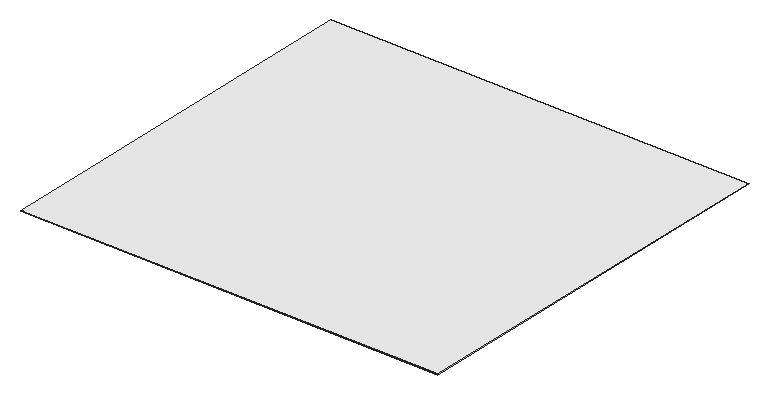
Revit family "Inner_nested_template", category Generic Models, Revit 2025
Family settings
  Can host rebar = No
  Round Connector Dimension = Use Diameter
  Part Type = Normal
  Work Plane-Based = No
  Always vertical = Yes
  Cut with Voids When Loaded = No
  Maintain Annotation Orientation = No
  Shared = Yes
  Room Calculation Point = No
Parameters (values of type "Inner_nested")
  duHast_width [instance] = 1880 mm
  duHast_sub_department_name [instance] = ""
  duHast_sub_department_code [instance] = ""
  duHast_room_number [instance] = ""
  duHast_room_name_abbreviated [instance] = ""
  duHast_room_name [instance] = ""
  duHast_room_id [instance] = ""
  duHast_height [instance] = 1574.089 mm
  duHast_functional_group_name [instance] = ""
  duHast_functional_group_code [instance] = ""
  duHast_depth [instance] = 1766.032 mm
  duHast_department_name [instance] = ""
  duHast_department_code [instance] = ""
  duHast_area_designed_to_area_briefed_as_percentage [instance] = 0
  duHast_area_designed_minus_area_briefed_difference [instance] = 0.00 m²
  Default Elevation = 0 mm
Reference planes
  plane 1 "Center (Front/Back)": y = 0
  plane 2: z = 0
  plane 3 "Center (Left/Right)": x = 0
  plane 4: z = 1574.089
Forms (mm)
  Extrusion 1, solid, detail levels medium+fine
    sketch origin (0, 0, 0) x (1, 0, 0) y (0, 1, 0)
      loop
        line (-832.073, 775.089) -> (-832.073, -775.089) -> (832.073, -775.089) -> (832.073, 775.089) -> (-832.073, 775.089)
    from 0 to 1
Lines and regions (mm)
  model lines, style "InvisibleLines", detail levels medium+fine
    curve 1: line (0, 0, 0) -> (0, 0, 1574.089)
Dimensions and locks
  "duHast_height": plane 4 to level
  aligned and locked: level to plane 2
  aligned and locked: plane 4 to curve 1
  aligned and locked: level to curve 1
  aligned and locked: plane 3 "Center (Left/Right)" to curve 1
Automatic sketch dimensions
  plane 3 "Center (Left/Right)" to Extrusion 1 sketch curve = 832.073 mm
  Extrusion 1 sketch curve to plane 3 "Center (Left/Right)" = 832.073 mm
  Extrusion 1 sketch curve to plane 1 "Center (Front/Back)" = 775.089 mm
  plane 1 "Center (Front/Back)" to Extrusion 1 sketch curve = 775.089 mm
